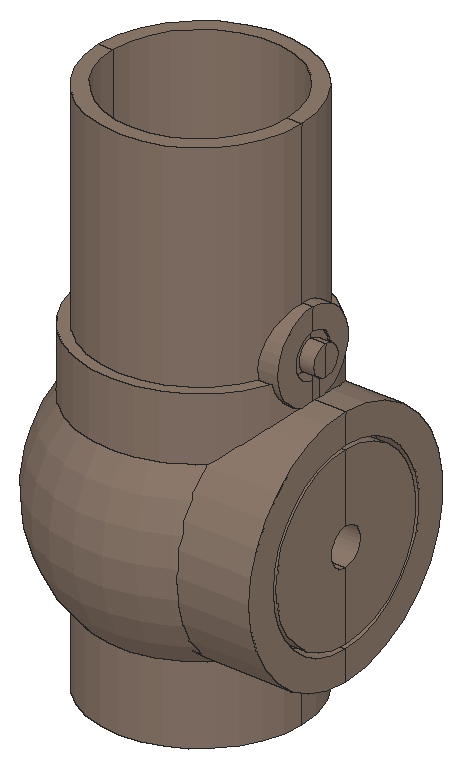
Revit family
Parameters (values of type "4505Y03")
  Weight (lb) = 8.35
  Warranty = "1 year material and workmanship"  # constant formula
  URL = "http://www.jrsmith.com"
  Test Port Offset = 2 3/4"
  Technical and Installation = "http://www.jrsmith.com/products/cleanout/tech_data_index.htm"
  SmartBIM Object Version = 3  # constant formula
  SmartBIM Object Created By = "Reed Construction Data"  # constant formula
  Product URL = "http://www.jrsmith.com/products/cleanout/submittal/d4505.pdf"
  Plug Size = 1 1/2"
  Pipe Diameter = 1 1/2"
  OmniClass Title = "Facility Drainage Piping Cleanouts"  # constant formula
  OmniClass Code = "22-22 13 19 13"  # constant formula
  Model = "4505"  # constant formula
  Material Finish = Duco Coated
  Material = Cast Iron
  Manufacturer = "Jay R. Smith Mfg. Co. "  # constant formula
  G = 1 1/4"
  Floor Offset = 3"
  F = 2 1/2"
  Description = "Duco cast iron cleanout tee"  # constant formula
  Default Elevation = 48"
  Connection Type = ""
  C = 9 1/4"
  Assembly Code = "D2030400"
  95 CSI = "15155"  # constant formula
  04 CSI = "22 13 19"  # constant formula
Types (3): name | Weight (lb) | Test Port Offset | Plug Size | Pipe Diameter | G | F | C
  4505Y03 | 8.35 | 2 3/4" | 1 1/2" | 1 1/2" | 1 1/4" | 2 1/2" | 9 1/4"
  4505Y04 | 14.5 | 3 3/4" | 2" | 2" | 1 3/4" | 3" | 10 1/2"
  4505Y06 | 29.82 | 4 3/4" | 3" | 3" | 2 1/2" | 4" | 14"
Reference planes (in)
  plane 1 "Center (Front/Back)": y = 0
  plane 2: z = 0
  plane 3 "Center (Left/Right)": x = 0
  plane 4: z = 0
Dimensions and locks (in)
  locked: nested 1 to plane 4 at 0.125
  locked: plane 4 to level
  aligned and locked: plane 3 "Center (Left/Right)" to nested 1
  aligned and locked: plane 1 "Center (Front/Back)" to nested 1
Nested families (in)
  nested 1: "4505Y" at (0, 0, -57.125), type "3" Diameter Outlet"
Connectors (in)
  piping at (0, 0, 0.125), driven by "Pipe Diameter"
    settings: on nested 1, index 1
  piping at (0, 0, -9.125), driven by "Pipe Diameter"
    settings: on nested 1, index 2
Definition of nested family "4505Y"
  Parameters (values of type "3" Diameter Outlet")
    Weight (lb) = 0
    Warranty = "1 year material and workmanship"  # constant formula
    URL = "http://www.jrsmith.com"
    Test Port Offset = 2 3/4"
    Technical and Installation = ""
    SmartBIM Object Version = 3  # constant formula
    SmartBIM Object Created By = "Reed Construction Data"  # constant formula
    Product URL = "http://www.jrsmith.com/products/cleanout/submittal/d4505.pdf"
    OmniClass Title = "Facility Drainage Piping Cleanouts"  # constant formula
    OmniClass Code = "22-22 13 19 13"  # constant formula
    Model = "2810"  # constant formula
    Material Finish = Duco Coated
    Material = Cast Iron
    Manufacturer = "Jay R. Smith Mfg. Co. "  # constant formula
    G = 1 1/4"
    F = 2 1/2"
    E = 3 3/4"
    Description = "Duco cast iron cleanout tee"  # constant formula
    Default Elevation = 48"
    D = 1 1/2"
    Connection Type = ""
    C = 9 1/4"
    Assembly Code = "D2030400"
    A = 1 1/2"
    95 CSI = "15155"  # constant formula
    04 CSI = "22 13 19"  # constant formula
  Reference planes (in)
    plane 1 "Center (Front/Back)": y = 0
    plane 2: z = 0
    plane 3 "Center (Left/Right)": x = 0
    plane 4 "C top": z = 57.25
    plane 5 "C bot": z = 48
    plane 6: z = 51.75
    plane 7: z = 54.5
    plane 8: x = 2.5
    plane 9 "A": x = -1.5
  Forms (in)
    Revolve 1, solid, material "Cast Iron" <- "Material"
      sketch origin (0, 0, 0) x (1, 0, 0) y (0, 0, 1)
        loop
          line (-1.65925, 53.18054) -> (-1.65925, 53.88405) -> (-1.25, 53.88405) -> (-1.25, 54.81352) -> (-1.5, 54.81352) -> (-1.5, 54.32106) -> (-1.93993, 54.32106) -> (-1.93993, 53.23169)
          arc (-1.93993, 53.23169) -> (-2.42277, 51.60277) -> (-1.71989, 50.05602) r 2.42857
          line (-1.71989, 50.05602) -> (-1.5, 50.05602) -> (-1.5, 50.32319) -> (-1.62658, 50.32319)
          arc (-1.62658, 50.32319) -> (-2.17722, 51.74576) -> (-1.65925, 53.18054) r 2.17736
        axis (0, 50.05602) -> (0, 54.81352)
      angle from 0 to 360
    Revolve 2, solid, material "Cast Iron" <- "Material"
      sketch origin (0, 0, 0) x (1, 0, 0) y (0, 0, 1)
        loop
          line (-1.75045, 57.25) -> (-1.75045, 48) -> (-1.5, 48) -> (-1.5, 57.25) -> (-1.75045, 57.25)
        axis (0, 48) -> (0, 57.25)
      angle from 0 to 360
    Revolve 3, solid, material "Cast Iron" <- "Material"
      sketch origin (0, 0, 0) x (1, 0, 0) y (0, 0, 1)
        loop
          line (0, 53.82503) -> (0, 51.75) -> (1.92317, 51.75) -> (1.92317, 52.06962) -> (2.5, 52.06962) -> (2.5, 53.25) -> (2.05843, 53.25) -> (2.05843, 53.32503) -> (2.5, 53.32503) -> (2.5, 53.82503) -> (0, 53.82503)
        axis (0, 51.75) -> (2.5, 51.75)
      angle from 0 to 360
    Revolve 4, solid, material "Cast Iron" <- "Material"
      sketch origin (0, 0, 0) x (1, 0, 0) y (0, 0, 1)
        loop
          line (0, 55.25) -> (0, 54.5) -> (2.15756, 54.5) -> (2.15756, 54.75) -> (1.89193, 54.75) -> (1.89193, 54.875) -> (1.93776, 54.875) -> (1.93776, 55.25) -> (0, 55.25)
        axis (2.15756, 54.5) -> (0, 54.5)
      angle from 0 to 360
    Revolve 5, void
      sketch origin (0, 0, 0) x (1, 0, 0) y (0, 0, 1)
        loop
          line (-1.5, 57.25) -> (-1.5, 48) -> (0, 48) -> (0, 57.25) -> (-1.5, 57.25)
        axis (0, 48) -> (0, 57.25)
      angle from 0 to 360
    Revolve 6, void
      sketch origin (0, 0, 0) x (1, 0, 0) y (0, 0, 1)
        loop
          line (-1.49331, 50.35444) -> (0, 50.35444) -> (0, 53.8528) -> (-1.65925, 53.8528) -> (-1.65925, 53.00902)
          arc (-1.65925, 53.00902) -> (-2.02808, 51.65349) -> (-1.49331, 50.35444) r 2.17978
        axis (0, 50.35444) -> (0, 53.8528)
      angle from 0 to 360
    Revolve 7, void
      sketch origin (0, 0, 0) x (1, 0, 0) y (0, 0, 1)
        loop
          line (2.5, 51.75) -> (0, 51.75) -> (0, 50.25) -> (2.5, 50.25) -> (2.5, 51.75)
        axis (0, 51.75) -> (2.5, 51.75)
      angle from 0 to 360
  Cuts and joins
    Revolve 7 cuts Revolve 1
    Revolve 5, Revolve 6, Revolve 7 cuts Revolve 2
    joined: Revolve 1, Revolve 2
    Revolve 5, Revolve 6 cuts Revolve 3
    Revolve 5 cuts Revolve 4
  Lines and regions (in)
    model lines
      curve 1: line (0, 0, 51.75) -> (2.5, 0, 51.75)
      curve 2: line (2.5, 0, 51.75) -> (2.5, 0, 53.25)
      curve 3: line (2.5, 0, 53.25) -> (2.5, 0, 50.25)
  Dimensions and locks (in)
    "C": plane 4 "C top" to plane 5 "C bot"
    "Default Elevation": plane 5 "C bot" to level
    "E": plane 6 to plane 5 "C bot"
    "D": Revolve 3 sketch curve to plane 6
    Revolve 3 sketch curve to Revolve 3 sketch curve to Revolve 3 sketch curve = 1/2" locked, 0.07503" locked
    "F": plane 8 to plane 3 "Center (Left/Right)"
    locked: Revolve 2 sketch curve to Revolve 2 sketch curve at 0.25045
    "A": plane 3 "Center (Left/Right)" to Revolve 2 sketch curve
    "A": plane 9 "A" to plane 3 "Center (Left/Right)"
    "G": plane 3 "Center (Left/Right)" to Revolve 1 sketch curve
    plane 6 to Revolve 1 sketch curve to Revolve 1 sketch curve = 1.42681" locked, 0.26717" locked
    "A": plane 3 "Center (Left/Right)" to Revolve 5 sketch curve
    cut or joined group of Revolve 1, Revolve 2, Revolve 5, Revolve 6, Revolve 7 to plane 6 to cut or joined group of Revolve 1, Revolve 2, Revolve 5, Revolve 6, Revolve 7 = 2.1028" locked, 1.39556" locked
    "D": plane 6 to Revolve 7 sketch curve
    plane 8 to Revolve 3 sketch curve to Revolve 3 sketch curve = 0.44157" locked, 0.13526" locked
    plane 8 to Revolve 4 sketch curve to Revolve 4 sketch curve to Revolve 4 sketch curve = 0.34244" locked, 0.2198" locked, 0.04583" locked
    Revolve 4 sketch curve to Revolve 4 sketch curve to Revolve 4 sketch curve to plane 7 = 3/8" locked, 1/8" locked, 1/4" locked
    "Test Port Offset": plane 7 to plane 6
    aligned and locked: plane 3 "Center (Left/Right)" to Revolve 1 sketch curve
    aligned and locked: plane 3 "Center (Left/Right)" to Revolve 2 sketch curve
    aligned and locked: Revolve 3 sketch curve to plane 6
    aligned and locked: plane 3 "Center (Left/Right)" to Revolve 3 sketch curve
    aligned and locked: plane 7 to Revolve 4 sketch curve
    aligned and locked: Revolve 4 sketch curve to Revolve 4 sketch curve
    aligned and locked: plane 3 "Center (Left/Right)" to Revolve 4 sketch curve
    aligned and locked: plane 5 "C bot" to Revolve 2 sketch curve
    aligned and locked: plane 4 "C top" to Revolve 2 sketch curve
    aligned and locked: plane 9 "A" to Revolve 1 sketch curve  (x2)
    aligned and locked: Revolve 2 to Revolve 5 sketch curve
    aligned and locked: Revolve 5 sketch curve to Revolve 2
    aligned and locked: plane 3 "Center (Left/Right)" to Revolve 5 sketch curve  (x2)
    aligned and locked: plane 4 "C top" to Revolve 5 sketch curve
    aligned and locked: Revolve 5 sketch curve to plane 5 "C bot"
    aligned and locked: plane 3 "Center (Left/Right)" to Revolve 6 sketch curve
    aligned and locked: Revolve 7 sketch curve to cut or joined group of Revolve 3, Revolve 5, Revolve 6
    aligned and locked: cut or joined group of Revolve 3, Revolve 5, Revolve 6 to Revolve 7 sketch curve
    aligned and locked: Revolve 7 sketch curve to plane 6
    aligned and locked: Revolve 7 sketch curve to plane 8
    aligned and locked: plane 3 "Center (Left/Right)" to Revolve 7 sketch curve
    aligned and locked: plane 6 to Revolve 7 sketch curve
    aligned and locked: Revolve 3 sketch curve to plane 8  (x2)
    aligned and locked: curve 1 to plane 6
  Automatic sketch dimensions
    Revolve 2 sketch curve to plane 4 "C top" = 0"
    Revolve 2 sketch curve to Revolve 2 sketch curve = 4.47821"
    Revolve 4 sketch curve to Revolve 4 sketch curve = 0.89193"
    Revolve 3 sketch curve to plane 6 = 0"
    plane 3 "Center (Left/Right)" to Revolve 3 sketch curve = 1/4"
    Revolve 3 sketch curve to Revolve 3 sketch curve = 1.61868"
    plane 6 to Revolve 3 sketch curve = 0.31962"
    Revolve 1 sketch curve to Revolve 1 sketch curve = 0"  (x2)
    Revolve 1 sketch curve to plane 3 "Center (Left/Right)" = 0"
    plane 9 "A" to Revolve 1 sketch curve = 0.12658"
    plane 9 "A" to Revolve 1 sketch curve = 0.15925"
    plane 9 "A" to Revolve 1 sketch curve = 0.21989"
    Revolve 1 sketch curve to Revolve 1 sketch curve = 0.28069"
    Revolve 1 sketch curve to Revolve 1 sketch curve = 0.02212"
    plane 6 to Revolve 1 sketch curve = 0.02064"
    Revolve 1 sketch curve to Revolve 1 sketch curve = 1.17218"
    Revolve 1 sketch curve to Revolve 1 sketch curve = 0.70351"
    Revolve 1 sketch curve to Revolve 1 sketch curve = 0.92947"
    Revolve 1 sketch curve to plane 7 = 0.17894"
    curve 1 to plane 3 "Center (Left/Right)" = 0"
    curve 2 to plane 8 = 0"
    curve 3 to plane 6 = 1 1/2"
    curve 1 to curve 3 = 1 1/2"
    Revolve 6 sketch curve to plane 3 "Center (Left/Right)" = 0"
    Revolve 6 sketch curve to plane 6 = 1.39556"
    Revolve 6 sketch curve to Revolve 6 sketch curve = 0.16593"
    plane 6 to Revolve 6 sketch curve = 0.03948"
    plane 3 "Center (Left/Right)" to Revolve 6 sketch curve = 0.14745"
    Revolve 6 sketch curve to Revolve 6 sketch curve = 0.26019"
    Revolve 6 sketch curve to Revolve 6 sketch curve = 2.06332"
    Revolve 6 sketch curve to Revolve 6 sketch curve = 0.256"
    Revolve 4 sketch curve to plane 8 = 0.34244"
    Revolve 6 sketch curve to Revolve 6 sketch curve = 1.49331"
